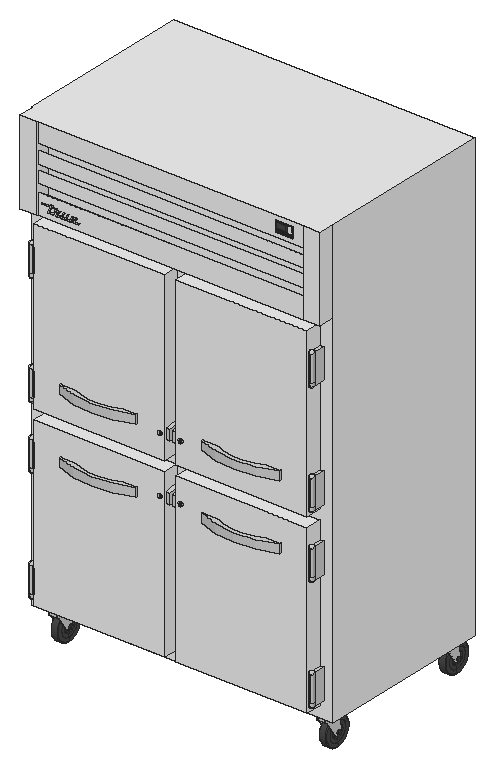
Revit family (continued)
Automatic sketch dimensions
  Extrusion 9 sketch curve to Extrusion 9 sketch curve = 0.06385"
  Extrusion 9 sketch curve to Extrusion 9 sketch curve = 0.02906"
  Extrusion 9 sketch curve to Extrusion 9 sketch curve = 0.02851"
  Extrusion 9 sketch curve to Extrusion 9 sketch curve = 0.29237"
  Extrusion 9 sketch curve to Extrusion 9 sketch curve = 0.00537"
  Extrusion 9 sketch curve to Extrusion 9 sketch curve = 0.0406"
  Extrusion 9 sketch curve to Extrusion 9 sketch curve = 0.04327"
  Extrusion 9 sketch curve to Extrusion 9 sketch curve = 0.02615"
  Extrusion 9 sketch curve to Extrusion 9 sketch curve = 0.11806"
  Extrusion 9 sketch curve to Extrusion 9 sketch curve = 0.15103"
  Extrusion 9 sketch curve to Extrusion 9 sketch curve = 0.10007"
  Extrusion 9 sketch curve to Extrusion 9 sketch curve = 0.5254"
  Extrusion 9 sketch curve to Extrusion 9 sketch curve = 0.14787"
  Extrusion 9 sketch curve to plane 6 "TOP" = 13.64562"
  Extrusion 9 sketch curve to Extrusion 9 sketch curve = 0.07275"
  Extrusion 9 sketch curve to Extrusion 9 sketch curve = 0.05776"
  Extrusion 9 sketch curve to Extrusion 9 sketch curve = 0.08631"
  Extrusion 9 sketch curve to Extrusion 9 sketch curve = 0.09282"
  Extrusion 9 sketch curve to Extrusion 9 sketch curve = 0.13018"
  Extrusion 9 sketch curve to Extrusion 9 sketch curve = 0.16714"
  Extrusion 9 sketch curve to Extrusion 9 sketch curve = 0.11061"
  Extrusion 9 sketch curve to Extrusion 9 sketch curve = 0.06046"
  Extrusion 9 sketch curve to Extrusion 9 sketch curve = 0.16548"
  Extrusion 9 sketch curve to Extrusion 9 sketch curve = 0.14279"
  Extrusion 9 sketch curve to Extrusion 9 sketch curve = 0.0496"
  Extrusion 9 sketch curve to Extrusion 9 sketch curve = 0.07293"
  Extrusion 9 sketch curve to Extrusion 9 sketch curve = 0.07764"
  Extrusion 9 sketch curve to Extrusion 9 sketch curve = 0.03794"
  Extrusion 9 sketch curve to Extrusion 9 sketch curve = 0.08552"
  Extrusion 9 sketch curve to Extrusion 9 sketch curve = 0.09296"
  Extrusion 9 sketch curve to Extrusion 9 sketch curve = 0.09314"
  Extrusion 9 sketch curve to Extrusion 9 sketch curve = 0.02781"
  Extrusion 9 sketch curve to Extrusion 9 sketch curve = 0.04981"
  Extrusion 9 sketch curve to Extrusion 9 sketch curve = 0.09315"
  Extrusion 9 sketch curve to Extrusion 9 sketch curve = 0.04799"
  Extrusion 9 sketch curve to Extrusion 9 sketch curve = 0.02531"
  Extrusion 9 sketch curve to Extrusion 9 sketch curve = 0.03054"
  Extrusion 9 sketch curve to Extrusion 9 sketch curve = 0.2589"
  Extrusion 9 sketch curve to Extrusion 9 sketch curve = 0.0674"
  Extrusion 9 sketch curve to Extrusion 9 sketch curve = 0.0324"
  Extrusion 9 sketch curve to Extrusion 9 sketch curve = 0.26185"
  Extrusion 9 sketch curve to Extrusion 9 sketch curve = 11/256"
  Extrusion 9 sketch curve to Extrusion 9 sketch curve = 0.07366"
  Extrusion 9 sketch curve to Extrusion 9 sketch curve = 0.02187"
  Extrusion 9 sketch curve to Extrusion 9 sketch curve = 0.06479"
  Extrusion 9 sketch curve to Extrusion 9 sketch curve = 0.01183"
  Extrusion 9 sketch curve to Extrusion 9 sketch curve = 0.05778"
  Extrusion 9 sketch curve to Extrusion 9 sketch curve = 0.53375"
  Extrusion 9 sketch curve to Extrusion 9 sketch curve = 0.23098"
  Extrusion 9 sketch curve to Extrusion 9 sketch curve = 0"
  Extrusion 9 sketch curve to Extrusion 9 sketch curve = 0.05045"
  Extrusion 9 sketch curve to Extrusion 9 sketch curve = 0.09139"
  Extrusion 9 sketch curve to Extrusion 9 sketch curve = 29/128"  (x3)
  Extrusion 10 sketch curve to plane 10 = 13/32"
  Extrusion 10 sketch curve to plane 6 "TOP" = 2 1/8"
  plane 5 "FRONT" to Extrusion 11 sketch curve = 0"  (x2)
  plane 9 to Extrusion 11 sketch curve = 4.2625"
  Extrusion 11 sketch curve to Extrusion 11 sketch curve = 2.4"  (x2)
  plane 8 to Extrusion 11 sketch curve = 12 13/32"
  Extrusion 11 sketch curve to Extrusion 11 sketch curve = 0"
  plane 5 "FRONT" to Extrusion 11 sketch curve = 0.2"
  Extrusion 11 sketch curve to plane 5 "FRONT" = 7.77899"
  Extrusion 11 sketch curve to Extrusion 11 sketch curve = 7.30945"
  plane 8 to Blend 12 sketch curve = 15/16"  (x2)
  plane 8 to Blend 12 sketch curve = 3/16"
  plane 7 to Blend 12 sketch curve = 35.99169"
  Blend 12 sketch curve to Blend 12 sketch curve = 1 3/4"
  plane 8 to Blend 12 sketch curve = 0.00527"
  plane 7 to Blend 12 sketch curve = 35.3941"
  Blend 12 sketch curve to Blend 12 sketch curve = 2.78233"
  Blend 13 sketch curve to plane 8 = 1 3/32"
  Blend 13 sketch curve to plane 8 = 11/32"
  plane 7 to Blend 13 sketch curve = 37.74169"
  Blend 13 sketch curve to Blend 13 sketch curve = 1 3/4"
  plane 8 to Blend 13 sketch curve = 1 3/32"
  plane 8 to Blend 13 sketch curve = 0.16152"
  Blend 13 sketch curve to plane 7 = 35.3941"
  Blend 13 sketch curve to Blend 13 sketch curve = 2.78233"
  Extrusion 14 sketch curve to plane 5 "FRONT" = 1/2"
  Extrusion 14 sketch curve to Extrusion 14 sketch curve = 0.43503"
  Extrusion 14 sketch curve to Extrusion 14 sketch curve = 0.20453"
  Extrusion 14 sketch curve to Extrusion 14 sketch curve = 1.61044"
  Extrusion 14 sketch curve to plane 6 "TOP" = 24.88873"
  Extrusion 14 sketch curve to Extrusion 14 sketch curve = 0.71221"
  Extrusion 14 sketch curve to Extrusion 14 sketch curve = 4.39928"
  Revolve 15 sketch curve to plane 5 "FRONT" = 0.07771"  (x2)
  Revolve 15 sketch curve to Revolve 15 sketch curve = 0.38242"
  Revolve 15 sketch curve to Revolve 15 sketch curve = 0.38436"
  Revolve 15 sketch curve to plane 5 "FRONT" = 31/64"
  Revolve 15 sketch curve to Revolve 15 sketch curve = 0.40666"
  Revolve 15 sketch curve to Revolve 15 sketch curve = 0"
  Revolve 15 sketch curve to plane 6 "TOP" = 25.07719"
  Revolve 15 sketch curve to Revolve 15 sketch curve = 0.32931"
  Revolve 15 sketch curve to Revolve 15 sketch curve = 0.51246"
  Revolve 15 sketch curve to Revolve 15 sketch curve = 0.05342"
  Revolve 15 sketch curve to Revolve 15 sketch curve = 4.42889"
  Revolve 15 sketch curve to Revolve 15 sketch curve = 0.04281"
  Revolve 15 sketch curve to Revolve 15 sketch curve = 0.18929"
  Revolve 15 sketch curve to Revolve 15 sketch curve = 0.55526"
  Extrusion 16 sketch curve to plane 9 = 0.96009"
  Extrusion 16 sketch curve to Extrusion 16 sketch curve = 0.39759"
  Extrusion 16 sketch curve to plane 6 "TOP" = 24.12421"
  Extrusion 16 sketch curve to Extrusion 16 sketch curve = 4.47281"
  Extrusion 17 sketch curve to plane 5 "FRONT" = 1/2"
  Extrusion 17 sketch curve to Extrusion 17 sketch curve = 0.43503"
  Extrusion 17 sketch curve to Extrusion 17 sketch curve = 0.20453"
  Extrusion 17 sketch curve to Extrusion 17 sketch curve = 1.61044"
  plane 7 to Extrusion 17 sketch curve = 33.61127"
  Extrusion 17 sketch curve to Extrusion 17 sketch curve = 0.71221"
  Extrusion 17 sketch curve to Extrusion 17 sketch curve = 4.39928"
  Revolve 18 sketch curve to plane 5 "FRONT" = 0.07771"  (x2)
  Revolve 18 sketch curve to Revolve 18 sketch curve = 0.38242"
  Revolve 18 sketch curve to Revolve 18 sketch curve = 0.38436"
  Revolve 18 sketch curve to plane 5 "FRONT" = 31/64"
  Revolve 18 sketch curve to Revolve 18 sketch curve = 0.40666"
  Revolve 18 sketch curve to Revolve 18 sketch curve = 0"
  plane 7 to Revolve 18 sketch curve = 33.42281"
  Revolve 18 sketch curve to Revolve 18 sketch curve = 0.32931"
  Revolve 18 sketch curve to Revolve 18 sketch curve = 0.51246"
  Revolve 18 sketch curve to Revolve 18 sketch curve = 0.05342"
  Revolve 18 sketch curve to Revolve 18 sketch curve = 4.42889"
  Revolve 18 sketch curve to Revolve 18 sketch curve = 0.04281"
  Revolve 18 sketch curve to Revolve 18 sketch curve = 0.18929"
  Revolve 18 sketch curve to Revolve 18 sketch curve = 0.55526"
  Extrusion 19 sketch curve to plane 9 = 0.96009"
  Extrusion 19 sketch curve to Extrusion 19 sketch curve = 0.39759"
  plane 7 to Extrusion 19 sketch curve = 34.37579"
  Extrusion 19 sketch curve to Extrusion 19 sketch curve = 4.47281"
  Extrusion 20 sketch curve to plane 5 "FRONT" = 1/2"
  Extrusion 20 sketch curve to Extrusion 20 sketch curve = 0.43503"
  Extrusion 20 sketch curve to Extrusion 20 sketch curve = 0.20453"
  Extrusion 20 sketch curve to Extrusion 20 sketch curve = 1.61044"
  plane 7 to Extrusion 20 sketch curve = 22.61127"
  Extrusion 20 sketch curve to Extrusion 20 sketch curve = 0.71221"
  Extrusion 20 sketch curve to Extrusion 20 sketch curve = 4.39928"
  Revolve 21 sketch curve to plane 5 "FRONT" = 0.07771"  (x2)
  Revolve 21 sketch curve to Revolve 21 sketch curve = 0.38242"
  Revolve 21 sketch curve to Revolve 21 sketch curve = 0.38436"
  Revolve 21 sketch curve to plane 5 "FRONT" = 31/64"
  Revolve 21 sketch curve to Revolve 21 sketch curve = 0.40666"
  Revolve 21 sketch curve to Revolve 21 sketch curve = 0"
  plane 7 to Revolve 21 sketch curve = 22.42281"
  Revolve 21 sketch curve to Revolve 21 sketch curve = 0.32931"
  Revolve 21 sketch curve to Revolve 21 sketch curve = 0.51246"
  Revolve 21 sketch curve to Revolve 21 sketch curve = 0.05342"
  Revolve 21 sketch curve to Revolve 21 sketch curve = 4.42889"
  Revolve 21 sketch curve to Revolve 21 sketch curve = 0.04281"
  Revolve 21 sketch curve to Revolve 21 sketch curve = 0.18929"
  Revolve 21 sketch curve to Revolve 21 sketch curve = 0.55526"
  Extrusion 22 sketch curve to plane 9 = 0.96009"
  Extrusion 22 sketch curve to Extrusion 22 sketch curve = 0.39759"
  plane 7 to Extrusion 22 sketch curve = 23.37579"
  Extrusion 22 sketch curve to Extrusion 22 sketch curve = 4.47281"
  Extrusion 23 sketch curve to plane 5 "FRONT" = 1/2"
  Extrusion 23 sketch curve to Extrusion 23 sketch curve = 0.43503"
  Extrusion 23 sketch curve to Extrusion 23 sketch curve = 0.20453"
  Extrusion 23 sketch curve to Extrusion 23 sketch curve = 1.61044"
  plane 7 to Extrusion 23 sketch curve = 2.86127"
  Extrusion 23 sketch curve to Extrusion 23 sketch curve = 0.71221"
  Extrusion 23 sketch curve to Extrusion 23 sketch curve = 4.39928"
  Revolve 24 sketch curve to plane 5 "FRONT" = 0.07771"  (x2)
  Revolve 24 sketch curve to Revolve 24 sketch curve = 0.38242"
  Revolve 24 sketch curve to Revolve 24 sketch curve = 0.38436"
  Revolve 24 sketch curve to plane 5 "FRONT" = 31/64"
  Revolve 24 sketch curve to Revolve 24 sketch curve = 0.40666"
  Revolve 24 sketch curve to Revolve 24 sketch curve = 0"
  plane 7 to Revolve 24 sketch curve = 2.67281"
  Revolve 24 sketch curve to Revolve 24 sketch curve = 0.32931"
  Revolve 24 sketch curve to Revolve 24 sketch curve = 0.51246"
  Revolve 24 sketch curve to Revolve 24 sketch curve = 0.05342"
  Revolve 24 sketch curve to Revolve 24 sketch curve = 4.42889"
  Revolve 24 sketch curve to Revolve 24 sketch curve = 0.04281"
  Revolve 24 sketch curve to Revolve 24 sketch curve = 0.18929"
  Revolve 24 sketch curve to Revolve 24 sketch curve = 0.55526"
  Extrusion 25 sketch curve to plane 9 = 0.96009"
  Extrusion 25 sketch curve to Extrusion 25 sketch curve = 0.39759"
  plane 7 to Extrusion 25 sketch curve = 3.62579"
  Extrusion 25 sketch curve to Extrusion 25 sketch curve = 4.47281"
  Extrusion 26 sketch curve to plane 5 "FRONT" = 1/2"
  Extrusion 26 sketch curve to Extrusion 26 sketch curve = 0.43503"
  Extrusion 26 sketch curve to Extrusion 26 sketch curve = 0.20453"
  Extrusion 26 sketch curve to Extrusion 26 sketch curve = 1.61044"
  Extrusion 26 sketch curve to plane 6 "TOP" = 19.57271"
  Extrusion 26 sketch curve to Extrusion 26 sketch curve = 4.39928"
  Extrusion 26 sketch curve to Extrusion 26 sketch curve = 0.71221"
  Revolve 27 sketch curve to plane 5 "FRONT" = 0.07771"  (x2)
  Revolve 27 sketch curve to Revolve 27 sketch curve = 0.38242"
  Revolve 27 sketch curve to Revolve 27 sketch curve = 0.38436"
  Revolve 27 sketch curve to plane 5 "FRONT" = 31/64"
  Revolve 27 sketch curve to Revolve 27 sketch curve = 0.40666"
  Revolve 27 sketch curve to Revolve 27 sketch curve = 0"
  Revolve 27 sketch curve to plane 6 "TOP" = 18.75492"
  Revolve 27 sketch curve to Revolve 27 sketch curve = 0.55526"
  Revolve 27 sketch curve to Revolve 27 sketch curve = 0.19474"
  Revolve 27 sketch curve to Revolve 27 sketch curve = 0.14649"
  Revolve 27 sketch curve to Revolve 27 sketch curve = 4.42889"
  Revolve 27 sketch curve to Revolve 27 sketch curve = 0.05342"
  Revolve 27 sketch curve to Revolve 27 sketch curve = 0.51246"
  Revolve 27 sketch curve to Revolve 27 sketch curve = 0.05889"
  plane 10 to Extrusion 28 sketch curve = 0.80384"
  Extrusion 28 sketch curve to Extrusion 28 sketch curve = 0.39759"
  Extrusion 28 sketch curve to plane 6 "TOP" = 19.6514"
  Extrusion 28 sketch curve to Extrusion 28 sketch curve = 4.47281"
  Extrusion 29 sketch curve to plane 5 "FRONT" = 1/2"
  Extrusion 29 sketch curve to Extrusion 29 sketch curve = 0.43503"
  Extrusion 29 sketch curve to Extrusion 29 sketch curve = 0.20453"
  Extrusion 29 sketch curve to Extrusion 29 sketch curve = 1.61044"
  plane 7 to Extrusion 29 sketch curve = 38.92729"
  Extrusion 29 sketch curve to Extrusion 29 sketch curve = 4.39928"
  Extrusion 29 sketch curve to Extrusion 29 sketch curve = 0.71221"
  Revolve 30 sketch curve to plane 5 "FRONT" = 0.07771"  (x2)
  Revolve 30 sketch curve to Revolve 30 sketch curve = 0.38242"
  Revolve 30 sketch curve to Revolve 30 sketch curve = 0.38436"
  Revolve 30 sketch curve to plane 5 "FRONT" = 31/64"
  Revolve 30 sketch curve to Revolve 30 sketch curve = 0.40666"
  Revolve 30 sketch curve to Revolve 30 sketch curve = 0"
  Revolve 30 sketch curve to plane 6 "TOP" = 38.25492"
  Revolve 30 sketch curve to Revolve 30 sketch curve = 0.55526"
  Revolve 30 sketch curve to Revolve 30 sketch curve = 0.19474"
  Revolve 30 sketch curve to Revolve 30 sketch curve = 0.14649"
  Revolve 30 sketch curve to Revolve 30 sketch curve = 4.42889"
  Revolve 30 sketch curve to Revolve 30 sketch curve = 0.05342"
  Revolve 30 sketch curve to Revolve 30 sketch curve = 0.51246"
  Revolve 30 sketch curve to Revolve 30 sketch curve = 0.05889"
  plane 10 to Extrusion 31 sketch curve = 0.80384"
  Extrusion 31 sketch curve to Extrusion 31 sketch curve = 0.39759"
  plane 7 to Extrusion 31 sketch curve = 38.8486"
  Extrusion 31 sketch curve to Extrusion 31 sketch curve = 4.47281"
  Extrusion 32 sketch curve to plane 5 "FRONT" = 1/2"
  Extrusion 32 sketch curve to Extrusion 32 sketch curve = 0.43503"
  Extrusion 32 sketch curve to Extrusion 32 sketch curve = 0.20453"
  Extrusion 32 sketch curve to Extrusion 32 sketch curve = 1.61044"
  plane 7 to Extrusion 32 sketch curve = 27.92729"
  Extrusion 32 sketch curve to Extrusion 32 sketch curve = 4.39928"
  Extrusion 32 sketch curve to Extrusion 32 sketch curve = 0.71221"
  Revolve 33 sketch curve to plane 5 "FRONT" = 0.07771"  (x2)
  Revolve 33 sketch curve to Revolve 33 sketch curve = 0.38242"
  Revolve 33 sketch curve to Revolve 33 sketch curve = 0.38436"
  Revolve 33 sketch curve to plane 5 "FRONT" = 31/64"
  Revolve 33 sketch curve to Revolve 33 sketch curve = 0.40666"
  Revolve 33 sketch curve to Revolve 33 sketch curve = 0"
  plane 7 to Revolve 33 sketch curve = 28.74508"
  Revolve 33 sketch curve to Revolve 33 sketch curve = 0.55526"
  Revolve 33 sketch curve to Revolve 33 sketch curve = 0.19474"
  Revolve 33 sketch curve to Revolve 33 sketch curve = 0.14649"
  Revolve 33 sketch curve to Revolve 33 sketch curve = 4.42889"
  Revolve 33 sketch curve to Revolve 33 sketch curve = 0.05342"
  Revolve 33 sketch curve to Revolve 33 sketch curve = 0.51246"
  Revolve 33 sketch curve to Revolve 33 sketch curve = 0.05889"
  plane 10 to Extrusion 34 sketch curve = 0.80384"
  Extrusion 34 sketch curve to Extrusion 34 sketch curve = 0.39759"
  plane 7 to Extrusion 34 sketch curve = 27.8486"
  Extrusion 34 sketch curve to Extrusion 34 sketch curve = 4.47281"
  Extrusion 35 sketch curve to plane 5 "FRONT" = 1/2"
  Extrusion 35 sketch curve to Extrusion 35 sketch curve = 0.43503"
  Extrusion 35 sketch curve to Extrusion 35 sketch curve = 0.20453"
  Extrusion 35 sketch curve to Extrusion 35 sketch curve = 1.61044"
  plane 7 to Extrusion 35 sketch curve = 8.17729"
  plane 7 to Extrusion 35 sketch curve = 3.57348"
  Extrusion 35 sketch curve to Extrusion 35 sketch curve = 0.71221"
  Revolve 36 sketch curve to plane 5 "FRONT" = 0.07771"  (x2)
  Revolve 36 sketch curve to Revolve 36 sketch curve = 0.38242"
  Revolve 36 sketch curve to Revolve 36 sketch curve = 0.38436"
  Revolve 36 sketch curve to plane 5 "FRONT" = 31/64"
  Revolve 36 sketch curve to Revolve 36 sketch curve = 0.40666"
  Revolve 36 sketch curve to Revolve 36 sketch curve = 0"
  plane 7 to Revolve 36 sketch curve = 8.99508"
  Revolve 36 sketch curve to Revolve 36 sketch curve = 0.55526"
  Revolve 36 sketch curve to Revolve 36 sketch curve = 0.19474"
  Revolve 36 sketch curve to Revolve 36 sketch curve = 0.14649"
  plane 7 to Revolve 36 sketch curve = 3.62689"
  Revolve 36 sketch curve to Revolve 36 sketch curve = 0.05342"
  Revolve 36 sketch curve to Revolve 36 sketch curve = 0.51246"
  Revolve 36 sketch curve to Revolve 36 sketch curve = 0.05889"
  plane 10 to Extrusion 37 sketch curve = 0.80384"
  Extrusion 37 sketch curve to Extrusion 37 sketch curve = 0.39759"
  plane 7 to Extrusion 37 sketch curve = 8.0986"
  plane 7 to Extrusion 37 sketch curve = 3.62579"
  Revolve 38 sketch curve to plane 10 = 1.50773"
  Revolve 38 sketch curve to Revolve 38 sketch curve = 0.48273"
  Revolve 38 sketch curve to plane 10 = 5/8"  (x2)
  Revolve 38 sketch curve to Revolve 38 sketch curve = 0.1"  (x2)
  Revolve 38 sketch curve to Revolve 38 sketch curve = 0.16101"
  plane 10 to Revolve 38 sketch curve = 0.12908"
  plane 10 to Revolve 38 sketch curve = 0.46399"
  plane 10 to Revolve 38 sketch curve = 0.525"
  Revolve 38 sketch curve to Revolve 38 sketch curve = 1/2"
  Revolve 38 sketch curve to Revolve 38 sketch curve = 0.16509"
  Revolve 38 sketch curve to Revolve 38 sketch curve = 0.39592"
  level to Revolve 38 sketch curve = 2 1/2"
  Revolve 38 sketch curve to Revolve 38 sketch curve = 0"
  Revolve 38 sketch curve to Revolve 38 sketch curve = 0.29941"  (x2)
  Revolve 38 sketch curve to Revolve 38 sketch curve = 3/4"  (x4)
  Revolve 38 sketch curve to Revolve 38 sketch curve = 0.59652"
  Revolve 38 sketch curve to Revolve 38 sketch curve = 0.60059"
  Extrusion 39 sketch curve to plane 7 = 0.63926"  (x2)
  Extrusion 39 sketch curve to plane 5 "FRONT" = 3.79864"
  Extrusion 39 sketch curve to Extrusion 39 sketch curve = 1/4"  (x2)
  level to Extrusion 39 sketch curve = 2.18736"  (x2)
  Extrusion 39 sketch curve to Extrusion 39 sketch curve = 1.7492"
  Extrusion 39 sketch curve to Extrusion 39 sketch curve = 0.50669"  (x2)
  Extrusion 39 sketch curve to Extrusion 39 sketch curve = 2 1/2"
  level to Extrusion 39 sketch curve = 2.59003"
  Extrusion 39 sketch curve to Extrusion 39 sketch curve = 0.59966"  (x2)
  plane 1 "BACK" to Extrusion 39 sketch curve = 3.8577"
  plane 1 "BACK" to Extrusion 39 sketch curve = 1.8585"
  plane 1 "BACK" to Extrusion 39 sketch curve = 1.1077"
  Extrusion 39 sketch curve to Extrusion 39 sketch curve = 0.32905"
  Extrusion 39 sketch curve to Extrusion 39 sketch curve = 0.60485"  (x2)
  Extrusion 40 sketch curve to plane 7 = 0.63926"  (x2)
  Extrusion 40 sketch curve to plane 5 "FRONT" = 3.79864"
  Extrusion 40 sketch curve to Extrusion 40 sketch curve = 1/4"  (x2)
  level to Extrusion 40 sketch curve = 2.18736"  (x2)
  Extrusion 40 sketch curve to Extrusion 40 sketch curve = 1.7492"
  Extrusion 40 sketch curve to Extrusion 40 sketch curve = 0.50669"  (x2)
  Extrusion 40 sketch curve to Extrusion 40 sketch curve = 2 1/2"
  level to Extrusion 40 sketch curve = 2.59003"
  Extrusion 40 sketch curve to Extrusion 40 sketch curve = 0.59966"  (x2)
  plane 1 "BACK" to Extrusion 40 sketch curve = 3.8577"
  plane 1 "BACK" to Extrusion 40 sketch curve = 1.8585"
  plane 1 "BACK" to Extrusion 40 sketch curve = 1.1077"
  Extrusion 40 sketch curve to Extrusion 40 sketch curve = 0.32905"
  Extrusion 40 sketch curve to Extrusion 40 sketch curve = 0.60485"  (x2)
  Revolve 41 sketch curve to plane 10 = 0"  (x2)
  Revolve 41 sketch curve to plane 7 = 0.62954"
  Revolve 41 sketch curve to plane 10 = 1.29707"
  Revolve 41 sketch curve to Revolve 41 sketch curve = 0.10278"
  Revolve 41 sketch curve to plane 7 = 0.00141"
  plane 7 to Revolve 41 sketch curve = 0.26768"
  Revolve 42 sketch curve to level = 0"
  Revolve 42 sketch curve to plane 10 = 0"  (x2)
  Revolve 42 sketch curve to plane 10 = 1/2"
  Revolve 42 sketch curve to Revolve 42 sketch curve = 1/4"
  Revolve 42 sketch curve to plane 7 = 0"
  Revolve 42 sketch curve to Revolve 42 sketch curve = 1.33338"
  level to Revolve 42 sketch curve = 1"
  Revolve 42 sketch curve to Revolve 42 sketch curve = 5/8"
  plane 7 to Revolve 42 sketch curve = 1 25/32"
  Revolve 43 sketch curve to level = 0"
  Revolve 43 sketch curve to plane 10 = 0"  (x2)
  Revolve 43 sketch curve to plane 10 = 1/2"
  Revolve 43 sketch curve to Revolve 43 sketch curve = 1/4"
  Revolve 43 sketch curve to plane 7 = 0"
  Revolve 43 sketch curve to Revolve 43 sketch curve = 1.33338"
  level to Revolve 43 sketch curve = 1"
  Revolve 43 sketch curve to Revolve 43 sketch curve = 5/8"
  plane 7 to Revolve 43 sketch curve = 1 25/32"
  Revolve 44 sketch curve to plane 10 = 0"  (x2)
  Revolve 44 sketch curve to plane 7 = 0.62954"
  Revolve 44 sketch curve to plane 10 = 1.29707"
  Revolve 44 sketch curve to Revolve 44 sketch curve = 0.10278"
  Revolve 44 sketch curve to plane 7 = 0.00141"
  plane 7 to Revolve 44 sketch curve = 0.26768"
  Extrusion 45 sketch curve to plane 7 = 0.63926"  (x2)
  Extrusion 45 sketch curve to plane 5 "FRONT" = 3.79864"
  Extrusion 45 sketch curve to Extrusion 45 sketch curve = 1/4"  (x2)
  Extrusion 45 sketch curve to Extrusion 45 sketch curve = 2 1/2"
  Extrusion 45 sketch curve to plane 7 = 0.93273"  (x2)
  Extrusion 45 sketch curve to Extrusion 45 sketch curve = 0.03603"
  plane 1 "BACK" to Extrusion 45 sketch curve = 3.8577"
  Extrusion 45 sketch curve to plane 7 = 1.24411"
  plane 1 "BACK" to Extrusion 45 sketch curve = 1.1077"
  Revolve 46 sketch curve to plane 10 = 1.50773"
  Revolve 46 sketch curve to Revolve 46 sketch curve = 0.48273"
  Revolve 46 sketch curve to plane 10 = 5/8"  (x2)
  Revolve 46 sketch curve to Revolve 46 sketch curve = 0.1"  (x2)
  Revolve 46 sketch curve to Revolve 46 sketch curve = 0.16101"
  plane 10 to Revolve 46 sketch curve = 0.12908"
  plane 10 to Revolve 46 sketch curve = 0.46399"
  plane 10 to Revolve 46 sketch curve = 0.525"
  Revolve 46 sketch curve to Revolve 46 sketch curve = 1/2"
  Revolve 46 sketch curve to Revolve 46 sketch curve = 0.16509"
  Revolve 46 sketch curve to Revolve 46 sketch curve = 0.39592"
  level to Revolve 46 sketch curve = 2 1/2"
  Revolve 46 sketch curve to Revolve 46 sketch curve = 0"
  Revolve 46 sketch curve to Revolve 46 sketch curve = 0.29941"  (x2)
  Revolve 46 sketch curve to Revolve 46 sketch curve = 3/4"  (x4)
  Revolve 46 sketch curve to Revolve 46 sketch curve = 0.59652"
  Revolve 46 sketch curve to Revolve 46 sketch curve = 0.60059"
  plane 3 "LEFT" to Revolve 47 sketch curve = 1.33602"
  Revolve 47 sketch curve to Revolve 47 sketch curve = 0.48273"
  Revolve 47 sketch curve to plane 9 = 5/8"  (x2)
  Revolve 47 sketch curve to Revolve 47 sketch curve = 0.1"  (x2)
  Revolve 47 sketch curve to Revolve 47 sketch curve = 0.16101"
  plane 9 to Revolve 47 sketch curve = 0.12908"
  plane 9 to Revolve 47 sketch curve = 0.46399"
  plane 9 to Revolve 47 sketch curve = 0.525"
  Revolve 47 sketch curve to Revolve 47 sketch curve = 1/2"
  Revolve 47 sketch curve to Revolve 47 sketch curve = 0.16509"
  Revolve 47 sketch curve to Revolve 47 sketch curve = 0.39592"
  level to Revolve 47 sketch curve = 2 1/2"
  Revolve 47 sketch curve to Revolve 47 sketch curve = 0"
  Revolve 47 sketch curve to Revolve 47 sketch curve = 0.29941"  (x2)
  Revolve 47 sketch curve to Revolve 47 sketch curve = 3/4"  (x4)
  Revolve 47 sketch curve to Revolve 47 sketch curve = 0.59652"
  Revolve 47 sketch curve to Revolve 47 sketch curve = 0.60059"
  Extrusion 48 sketch curve to plane 7 = 0.63926"  (x2)
  Extrusion 48 sketch curve to plane 5 "FRONT" = 3.79864"
  Extrusion 48 sketch curve to Extrusion 48 sketch curve = 1/4"  (x2)
  level to Extrusion 48 sketch curve = 2.18736"  (x2)
  Extrusion 48 sketch curve to Extrusion 48 sketch curve = 1.7492"
  Extrusion 48 sketch curve to Extrusion 48 sketch curve = 0.50669"  (x2)
  Extrusion 48 sketch curve to Extrusion 48 sketch curve = 2 1/2"
  level to Extrusion 48 sketch curve = 2.59003"
  Extrusion 48 sketch curve to Extrusion 48 sketch curve = 0.59966"  (x2)
  plane 1 "BACK" to Extrusion 48 sketch curve = 3.8577"
  plane 1 "BACK" to Extrusion 48 sketch curve = 1.8585"
  plane 1 "BACK" to Extrusion 48 sketch curve = 1.1077"
  Extrusion 48 sketch curve to Extrusion 48 sketch curve = 0.32905"
  Extrusion 48 sketch curve to Extrusion 48 sketch curve = 0.60485"  (x2)
  Extrusion 49 sketch curve to plane 7 = 0.63926"  (x2)
  Extrusion 49 sketch curve to plane 5 "FRONT" = 3.79864"
  Extrusion 49 sketch curve to Extrusion 49 sketch curve = 1/4"  (x2)
  level to Extrusion 49 sketch curve = 2.18736"  (x2)
  Extrusion 49 sketch curve to Extrusion 49 sketch curve = 1.7492"
  Extrusion 49 sketch curve to Extrusion 49 sketch curve = 0.50669"  (x2)
  Extrusion 49 sketch curve to Extrusion 49 sketch curve = 2 1/2"
  level to Extrusion 49 sketch curve = 2.59003"
  Extrusion 49 sketch curve to Extrusion 49 sketch curve = 0.59966"  (x2)
  plane 1 "BACK" to Extrusion 49 sketch curve = 3.8577"
  plane 1 "BACK" to Extrusion 49 sketch curve = 1.8585"
  plane 1 "BACK" to Extrusion 49 sketch curve = 1.1077"
  Extrusion 49 sketch curve to Extrusion 49 sketch curve = 0.32905"
  Extrusion 49 sketch curve to Extrusion 49 sketch curve = 0.60485"  (x2)
  Revolve 50 sketch curve to plane 9 = 0"  (x2)
  Revolve 50 sketch curve to plane 7 = 0.62954"
  Revolve 50 sketch curve to plane 9 = 1.29707"
  Revolve 50 sketch curve to Revolve 50 sketch curve = 0.10278"
  Revolve 50 sketch curve to plane 7 = 0.00141"
  plane 7 to Revolve 50 sketch curve = 0.26768"
  Revolve 51 sketch curve to level = 0"
  Revolve 51 sketch curve to plane 9 = 0"  (x2)
  Revolve 51 sketch curve to plane 9 = 1/2"
  Revolve 51 sketch curve to Revolve 51 sketch curve = 1/4"
  Revolve 51 sketch curve to plane 7 = 0"
  Revolve 51 sketch curve to plane 9 = 1.33338"
  level to Revolve 51 sketch curve = 1"
  Revolve 51 sketch curve to Revolve 51 sketch curve = 5/8"
  plane 7 to Revolve 51 sketch curve = 1 25/32"
  Revolve 52 sketch curve to level = 0"
  Revolve 52 sketch curve to plane 9 = 0"  (x2)
  Revolve 52 sketch curve to plane 9 = 1/2"
  Revolve 52 sketch curve to Revolve 52 sketch curve = 1/4"
  Revolve 52 sketch curve to plane 7 = 0"
  Revolve 52 sketch curve to plane 9 = 1.33338"
  level to Revolve 52 sketch curve = 1"
  Revolve 52 sketch curve to Revolve 52 sketch curve = 5/8"
  plane 7 to Revolve 52 sketch curve = 1 25/32"
  Revolve 53 sketch curve to plane 9 = 0"  (x2)
  Revolve 53 sketch curve to plane 7 = 0.62954"
  Revolve 53 sketch curve to plane 9 = 1.29707"
  Revolve 53 sketch curve to Revolve 53 sketch curve = 0.10278"
  Revolve 53 sketch curve to plane 7 = 0.00141"
  plane 7 to Revolve 53 sketch curve = 0.26768"
  Extrusion 54 sketch curve to plane 7 = 0.63926"  (x2)
  Extrusion 54 sketch curve to plane 5 "FRONT" = 3.79864"
  Extrusion 54 sketch curve to Extrusion 54 sketch curve = 1/4"  (x2)
  Extrusion 54 sketch curve to Extrusion 54 sketch curve = 2 1/2"
  Extrusion 54 sketch curve to plane 7 = 0.93273"  (x2)
  Extrusion 54 sketch curve to Extrusion 54 sketch curve = 0.03603"
  plane 1 "BACK" to Extrusion 54 sketch curve = 3.8577"
  Extrusion 54 sketch curve to plane 7 = 1.24411"
  plane 1 "BACK" to Extrusion 54 sketch curve = 1.1077"
  plane 3 "LEFT" to Revolve 55 sketch curve = 1.33602"
  Revolve 55 sketch curve to Revolve 55 sketch curve = 0.48273"
  Revolve 55 sketch curve to plane 9 = 5/8"  (x2)
  Revolve 55 sketch curve to Revolve 55 sketch curve = 0.1"  (x2)
  Revolve 55 sketch curve to Revolve 55 sketch curve = 0.16101"
  plane 9 to Revolve 55 sketch curve = 0.12908"
  plane 9 to Revolve 55 sketch curve = 0.46399"
  plane 9 to Revolve 55 sketch curve = 0.525"
  Revolve 55 sketch curve to Revolve 55 sketch curve = 1/2"
  Revolve 55 sketch curve to Revolve 55 sketch curve = 0.16509"
  Revolve 55 sketch curve to Revolve 55 sketch curve = 0.39592"
  level to Revolve 55 sketch curve = 2 1/2"
  Revolve 55 sketch curve to Revolve 55 sketch curve = 0"
  Revolve 55 sketch curve to Revolve 55 sketch curve = 0.29941"  (x2)
  Revolve 55 sketch curve to Revolve 55 sketch curve = 3/4"  (x4)
  Revolve 55 sketch curve to Revolve 55 sketch curve = 0.59652"
  Revolve 55 sketch curve to Revolve 55 sketch curve = 0.60059"
  Extrusion 56 sketch curve to plane 6 "TOP" = 2.55982"
  Extrusion 56 sketch curve to plane 10 = 5.12093"
  Extrusion 56 sketch curve to plane 10 = 2.21468"
  Extrusion 56 sketch curve to plane 6 "TOP" = 13/16"
  Extrusion 57 sketch curve to plane 6 "TOP" = 3/4"
  Extrusion 57 sketch curve to plane 10 = 5.18343"
  Extrusion 57 sketch curve to Extrusion 57 sketch curve = 1/16"  (x4)
  Extrusion 57 sketch curve to Extrusion 57 sketch curve = 0.1375"  (x2)
  Extrusion 57 sketch curve to Extrusion 57 sketch curve = 1/4"  (x4)
  Extrusion 57 sketch curve to Extrusion 57 sketch curve = 0.44601"
  Extrusion 57 sketch curve to Extrusion 57 sketch curve = 1/2"  (x2)
  Extrusion 57 sketch curve to Extrusion 57 sketch curve = 0.0035"
  Extrusion 57 sketch curve to Extrusion 57 sketch curve = 1.06923"
  Extrusion 57 sketch curve to plane 6 "TOP" = 0.95"
  Extrusion 57 sketch curve to Extrusion 57 sketch curve = 1"
  Extrusion 57 sketch curve to Extrusion 57 sketch curve = 0.34106"  (x3)
  Extrusion 57 sketch curve to Extrusion 57 sketch curve = 0"
  Extrusion 57 sketch curve to Extrusion 57 sketch curve = 0.26876"
  Extrusion 59 sketch curve to plane 9 = 0"
  Extrusion 59 sketch curve to plane 5 "FRONT" = 5.09023"
  Extrusion 60 sketch curve to plane 9 = 0"
  plane 1 "BACK" to Extrusion 60 sketch curve = 2.69102"
  Extrusion 61 sketch curve to plane 10 = 0"
  plane 1 "BACK" to Extrusion 61 sketch curve = 2.69102"
  Extrusion 62 sketch curve to plane 10 = 0"
  Extrusion 62 sketch curve to plane 5 "FRONT" = 5.09023"
  plane 5 "FRONT" to Extrusion 63 sketch curve = 0"  (x2)
  plane 10 to Extrusion 63 sketch curve = 13/32"
  Extrusion 63 sketch curve to plane 8 = 1 3/32"
  plane 8 to Extrusion 63 sketch curve = 15/16"
  Extrusion 63 sketch curve to plane 9 = 9/16"
  plane 8 to Extrusion 64 sketch curve = 1 201/256"
  Extrusion 64 sketch curve to Extrusion 64 sketch curve = 9/256"
  Extrusion 64 sketch curve to Extrusion 64 sketch curve = 0.0555"  (x2)
  Extrusion 64 sketch curve to plane 8 = 1.85465"
  Extrusion 64 sketch curve to Extrusion 64 sketch curve = 0.02035"
  plane 7 to Extrusion 64 sketch curve = 26.66365"
  Extrusion 64 sketch curve to Extrusion 64 sketch curve = 0"
  Extrusion 64 sketch curve to Extrusion 64 sketch curve = 0.27385"  (x2)
  Extrusion 64 sketch curve to Extrusion 64 sketch curve = 0.29355"  (x2)
  plane 8 to Blend 65 sketch curve = 15/16"
  plane 8 to Blend 65 sketch curve = 3/16"
  plane 7 to Blend 65 sketch curve = 26.00831"
  Blend 65 sketch curve to Blend 65 sketch curve = 1 3/4"
  Blend 65 sketch curve to plane 8 = 15/16"
  Blend 65 sketch curve to plane 8 = 0.00527"
  Blend 65 sketch curve to plane 7 = 28.3559"
  Blend 65 sketch curve to Blend 65 sketch curve = 2.78233"
  Blend 66 sketch curve to plane 8 = 1 3/32"  (x2)
  Blend 66 sketch curve to plane 8 = 11/32"
  plane 7 to Blend 66 sketch curve = 27.75831"
  Blend 66 sketch curve to Blend 66 sketch curve = 1 3/4"
  Blend 66 sketch curve to plane 8 = 0.16152"
  plane 7 to Blend 66 sketch curve = 28.3559"
  Blend 66 sketch curve to Blend 66 sketch curve = 2.78233"
  plane 5 "FRONT" to Extrusion 67 sketch curve = 0"  (x2)
  Extrusion 67 sketch curve to plane 8 = 5.7625"
  Extrusion 67 sketch curve to Extrusion 67 sketch curve = 2.4"  (x2)
  Extrusion 67 sketch curve to Extrusion 67 sketch curve = 4.4"
  Extrusion 67 sketch curve to Extrusion 67 sketch curve = 0"
  Extrusion 67 sketch curve to Extrusion 67 sketch curve = 0.2"
  Extrusion 67 sketch curve to plane 5 "FRONT" = 7.77899"
  Extrusion 67 sketch curve to Extrusion 67 sketch curve = 7.30945"
  plane 5 "FRONT" to Extrusion 68 sketch curve = 0"  (x2)
  plane 9 to Extrusion 68 sketch curve = 4.2625"
  Extrusion 68 sketch curve to Extrusion 68 sketch curve = 2.4"  (x2)
  plane 8 to Extrusion 68 sketch curve = 12 13/32"
  Extrusion 68 sketch curve to Extrusion 68 sketch curve = 0"
  plane 5 "FRONT" to Extrusion 68 sketch curve = 0.2"
  Extrusion 68 sketch curve to plane 5 "FRONT" = 7.77899"
  Extrusion 68 sketch curve to Extrusion 68 sketch curve = 7.30945"
  plane 5 "FRONT" to Extrusion 58 sketch curve = 0"  (x2)
  plane 10 to Extrusion 58 sketch curve = 13/32"
  Extrusion 58 sketch curve to plane 12 = 15/16"
  plane 8 to Extrusion 58 sketch curve = 15/16"
  Extrusion 58 sketch curve to plane 9 = 9/16"
  radius of Extrusion 8 sketch curve = 0.35"  (x2)
  radius of Extrusion 10 sketch curve = 1/4"
  radius of Extrusion 59 sketch curve = 1 1/2"
  radius of Extrusion 60 sketch curve = 1 1/2"
  radius of Extrusion 61 sketch curve = 1 1/2"
  radius of Extrusion 62 sketch curve = 1 1/2"
  radius of Extrusion 64 sketch curve = 0.35"  (x2)
Connectors (in)
  electrical at (49.53125, -0.0625, 82), driven by "Volts", driven by "Watts"
    settings: on Extrusion 10, index 1, voltage 115 V, apparent load 1334 VA, apparent load phase1 0 VA, apparent load phase2 0 VA, apparent load phase3 0 VA, power factor 1, load classification "Other", number of poles 1, system type 30, power factor state 1, is connector primary yes, connector utility no, sub classification motor no, connector description "Electrical Connection"
